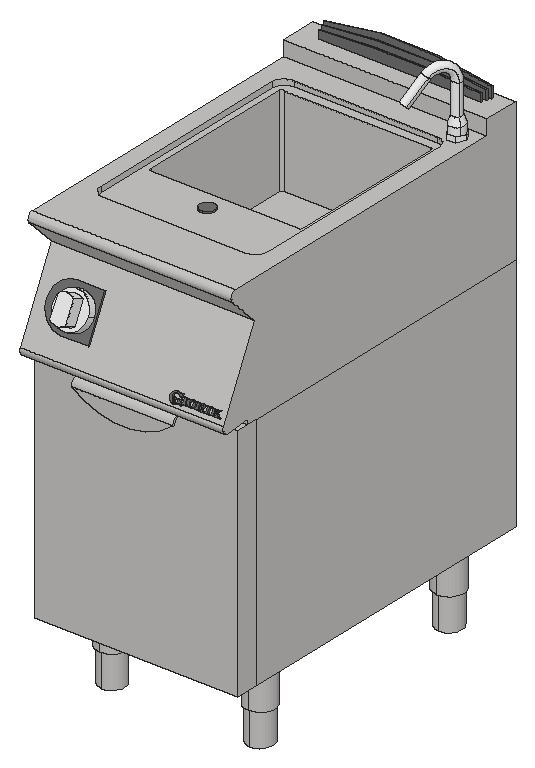
Revit family "QF_GIORIK_CPE726", category Specialty Equipment, Revit 2014
Parameters (values of type "CPE726")
  Weight in Pounds = 110.231
  Watts = 6000 W
  Volts = 400 V
  URL Cutsheet = "www.giorik.com"
  URL = "www.giorik.com"
  Status [instance] = ""
  Specification by User [instance] = ""
  Specification by Manufacturer = ""
  Show Logo [instance] = yes
  Show Clearance [instance] = yes
  Serial Number = ""
  Seismic Rating = ""
  SMACNA No = ""
  Revision Code [instance] = ""
  Phase = 3
  Number of Poles [instance] = 3
  NAFEM Spec ID Number = ""
  Model = "CPE726"
  Min Ckt Ampacity = 0 A
  Max Overcurrent Protection = 0 A
  Masterspec = ""
  Manufacturer = "GIORIK"
  Item Number [instance] = ""
  Installed By [instance] = ""
  Identify Quantity as Lot [instance] = no
  HP = "8.046120000000"
  Furnished By [instance] = ""
  Foodservice Equipment Identifier [instance] = yes
  FL Amps = 0 A
  Electrical Remarks [instance] = ""
  Electric Connection Type [instance] = ""
  Elec Conn RI Height [instance] = 0 mm
  Elec Conn Connection Height [instance] = 150 mm
  Description = "26 LITRE SINGLE TANK ELECTRIC PASTA COOKER."
  Cycle = 50 Hz
  Conn Plug = ""
  CSI MasterFormat = ""
  Assembly Code = "E1090320"
  Apparent Power = 6000 VA
Reference planes
  plane 1 "Back": y = 0
  plane 2: z = 0
  plane 3 "Left": x = 0
  plane 4 "Right": x = 400
  plane 5 "Front": y = -720
  plane 6 "Top": z = 900
Forms (mm)
  Extrusion 1, solid, visible <- "Show Logo"
    sketch origin (196.604, -736.761, 609.486) x (-1, 0, 0) y (0, 0.452718, 0.891654)
      loop
        line (-118.824, 58.358) -> (-127.804, 58.358) -> (-125.523, 56.445) -> (-125.523, 48.027) -> (-127.804, 46.113) -> (-118.824, 46.113) -> (-121.105, 48.027) -> (-121.105, 56.445) -> (-118.824, 58.358)
      loop
        line (-163.721, 58.358) -> (-172.7, 58.358) -> (-170.42, 56.445) -> (-170.42, 48.027) -> (-172.7, 46.113) -> (-163.721, 46.113) -> (-166.001, 48.027) -> (-166.001, 56.445) -> (-163.721, 58.358)
      loop
        line (-174.332, 58.358) -> (-183.312, 58.358) -> (-181.031, 56.445) -> (-181.031, 52.435) -> (-186.419, 56.955) -> (-184.416, 58.358) -> (-191.268, 58.358) -> (-188.01, 56.839) -> (-185.455, 54.283) -> (-190.846, 47.858) -> (-193.396, 46.93) -> (-193.396, 46.113) -> (-184.416, 46.113) -> (-185.437, 47.571) -> (-182.443, 51.552) -> (-181.031, 50.894) -> (-181.031, 48.027) -> (-183.312, 46.113) -> (-174.332, 46.113) -> (-176.613, 48.027) -> (-176.613, 56.445) -> (-174.332, 58.358)
      loop
        line (-115.429, 62.063) -> (-115.429, 54.198)
        arc (-115.429, 54.198) -> (-111.618, 57.803) -> (-106.847, 59.986) r 16.039
        arc (-106.847, 59.986) -> (-103.314, 59.837) -> (-100.512, 57.68) r 5.851
        arc (-100.512, 57.68) -> (-98.815, 52.267) -> (-100.512, 46.853) r 9.479
        arc (-100.512, 46.853) -> (-102.406, 44.986) -> (-104.846, 43.93) r 7.236
        arc (-104.846, 43.93) -> (-107.728, 44.111) -> (-110.052, 45.825) r 5.11
        line (-110.052, 45.825) -> (-110.052, 52.001) -> (-116.141, 52.001) -> (-116.141, 45.503) -> (-117.893, 43.751) -> (-114.094, 44.769)
        arc (-114.094, 44.769) -> (-112.56, 44.947) -> (-111.129, 44.366) r 3.115
        arc (-111.129, 44.366) -> (-104.216, 42.091) -> (-97.303, 44.366) r 11.641
        arc (-97.303, 44.366) -> (-93.396, 52.107) -> (-97.303, 59.849) r 9.622
        arc (-97.303, 59.849) -> (-104.369, 62.174) -> (-111.435, 59.849) r 11.898
        line (-111.435, 59.849) -> (-115.429, 62.063)
      loop
        arc (-129.234, 56.068) -> (-135.893, 58.628) -> (-142.552, 56.068) r 9.941
        arc (-142.552, 56.068) -> (-144.234, 52.286) -> (-142.552, 48.505) r 5.093
        arc (-142.552, 48.505) -> (-135.893, 45.945) -> (-129.234, 48.505) r 9.941
        arc (-129.234, 48.505) -> (-127.552, 52.286) -> (-129.234, 56.068) r 5.093
      loop
        arc (-132.628, 54.403) -> (-135.893, 57.668) -> (-139.158, 54.403) r 3.265
        line (-139.158, 54.403) -> (-139.158, 50.169)
        arc (-139.158, 50.169) -> (-135.893, 46.904) -> (-132.628, 50.169) r 3.265
        line (-132.628, 50.169) -> (-132.628, 54.403)
      loop
        arc (-156.363, 58.365) -> (-159.647, 55.081) -> (-156.363, 51.796) r 3.285
        line (-156.363, 51.796) -> (-159.529, 47.306) -> (-162.087, 46.113) -> (-155.847, 46.113) -> (-153.529, 51.083) -> (-150.637, 51.083) -> (-150.637, 47.784) -> (-153.022, 46.113) -> (-144.011, 46.113) -> (-146.094, 47.68) -> (-146.094, 56.493) -> (-144.229, 58.365) -> (-156.363, 58.365)
      loop
        line (-150.637, 57.512) -> (-153.637, 57.512)
        arc (-153.637, 57.512) -> (-156.237, 54.912) -> (-153.637, 52.312) r 2.6
        line (-153.637, 52.312) -> (-150.637, 52.312) -> (-150.637, 57.512)
      loop
        line (-108.924, 52.001) -> (-104.936, 49.005) -> (-100.948, 52.001) -> (-108.924, 52.001)
    from 1.5 to -0.5
  Extrusion 2, solid
    sketch origin (-16, 1025.81, 0) x (1, 0, 0) y (0, 1, 0)
      loop
        line (25, -1086.81) -> (25, -1156.81) -> (115, -1156.81) -> (115, -1086.81) -> (25, -1086.81)
    from 148 to 150
  Extrusion 3, solid
    sketch origin (35, -15, 130) x (1, 0, 0) y (0, 1, 0)
      loop
        circle (54, -385) r 12.5
    from 0 to 20
  Extrusion 4, solid
    sketch origin (0, 1000, -20) x (0, 1, 0) y (0, 0, 1)
      loop
        line (-1000, 919.988) -> (-1070, 919.988) -> (-1070, 889.988) -> (-1688.806, 889.988)
        arc (-1688.806, 889.988) -> (-1699.151, 883.075) -> (-1696.724, 870.873) r 11.197
        line (-1696.724, 870.873) -> (-1640.876, 815.025) -> (-1718.948, 661.258)
        arc (-1718.948, 661.258) -> (-1718.233, 650.105) -> (-1708.118, 645.354) r 10.981
        line (-1708.118, 645.354) -> (-1660, 649.925) -> (-1660, 640) -> (-1000, 640) -> (-1000, 919.988)
    from 0 to 400
  Extrusion 5, solid
    sketch origin (0, 0, 599.536) x (1, 0, 0) y (0, 1, 0)
      loop
        line (0, -640) -> (40, -640) -> (40, -40) -> (360, -40) -> (360, -640) -> (400, -640) -> (400, 0) -> (0, 0) -> (0, -640)
    from -449.536 to 20.464
  Extrusion 6, solid
    sketch origin (0, 0, 0) x (1, 0, 0) y (0, 1, 0)
      loop
        line (40, -40) -> (40, -640) -> (360, -640) -> (360, -40) -> (40, -40)
    from 150 to 190
  Extrusion 7, solid
    sketch origin (-16, 560.81, 0) x (1, 0, 0) y (0, 1, 0)
      loop
        line (25, -1086.81) -> (25, -1156.81) -> (115, -1156.81) -> (115, -1086.81) -> (25, -1086.81)
    from 148 to 150
  Revolve 8, solid
    sketch origin (54, 560.81, 0) x (0, 1, 0) y (0, 0, 1)
      loop
        line (-1092.56, 66) -> (-1092.56, 148) -> (-1121.81, 148) -> (-1121.81, 0) -> (-1096.81, 0) -> (-1096.81, 66) -> (-1092.56, 66)
      axis (-1121.81, 0) -> (-1121.81, 148)
    angle from 0 to 360
  Revolve 9, solid
    sketch origin (54, 1025.81, 0) x (0, 1, 0) y (0, 0, 1)
      loop
        line (-1092.56, 66) -> (-1092.56, 148) -> (-1121.81, 148) -> (-1121.81, 0) -> (-1096.81, 0) -> (-1096.81, 66) -> (-1092.56, 66)
      axis (-1121.81, 0) -> (-1121.81, 148)
    angle from 0 to 360
  Extrusion 10, solid
    sketch origin (416, 560.81, 0) x (-1, 0, 0) y (0, -1, 0)
      loop
        line (25, 1086.81) -> (115, 1086.81) -> (115, 1156.81) -> (25, 1156.81) -> (25, 1086.81)
    from 148 to 150
  Revolve 11, solid
    sketch origin (346, 560.81, 0) x (0, 1, 0) y (0, 0, -1)
      loop
        line (-1092.56, -66) -> (-1096.81, -66) -> (-1096.81, 0) -> (-1121.81, 0) -> (-1121.81, -148) -> (-1092.56, -148) -> (-1092.56, -66)
      axis (-1121.81, 0) -> (-1121.81, -148)
    angle from 0 to 360
  Extrusion 12, solid
    sketch origin (416, -1217.81, 0) x (-1, 0, 0) y (0, -1, 0)
      loop
        line (25, -1086.81) -> (25, -1156.81) -> (115, -1156.81) -> (115, -1086.81) -> (25, -1086.81)
    from 148 to 150
  Revolve 13, solid
    sketch origin (346, -1217.81, 0) x (0, -1, 0) y (0, 0, 1)
      loop
        line (-1092.56, 66) -> (-1092.56, 148) -> (-1121.81, 148) -> (-1121.81, 0) -> (-1096.81, 0) -> (-1096.81, 66) -> (-1092.56, 66)
      axis (-1121.81, 0) -> (-1121.81, 148)
    angle from 0 to 360
  Extrusion 14, solid
    sketch origin (-343.221, -963.345, 52.363) x (1, 0, 0) y (0, 0.452718, 0.891654)
      loop
        line (463.221, 676.25) -> (463.221, 766.25) -> (409.698, 766.25)
        arc (409.698, 766.25) -> (364.698, 721.25) -> (409.698, 676.25) r 45
        line (409.698, 676.25) -> (463.221, 676.25)
    from 48 to 50
  Extrusion 15, solid
    sketch origin (431.331, -1008.697, 74.959) x (-1, 0, 0) y (0, -0.45351, -0.891251)
      loop
        circle (351.331, -721.346) r 35
    from 0 to 15
  Extrusion 16, solid
    sketch origin (431.331, -1008.697, 74.959) x (-1, 0, 0) y (0, -0.45351, -0.891251)
      loop
        arc (336.331, -743.846) -> (351.331, -748.846) -> (366.331, -743.846) r 25
        line (366.331, -743.846) -> (366.331, -698.846)
        arc (366.331, -698.846) -> (351.331, -693.846) -> (336.331, -698.846) r 25
        line (336.331, -698.846) -> (336.331, -743.846)
    from 15 to 40
  Extrusion 17, solid
    sketch origin (-94, 0, -10.001) x (1, 0, 0) y (0, 0, 1)
      loop
        line (135, 909.989) -> (453, 909.989) -> (453, 925.527) -> (347.056, 931.749) -> (240.944, 931.749) -> (135, 925.527) -> (135, 909.989)
    from 32 to 35
  Extrusion 18, solid
    sketch origin (-92, 10, -10.001) x (1, 0, 0) y (0, 0, 1)
      loop
        line (454, 909.989) -> (454, 928.527) -> (346.162, 939.193) -> (237.838, 939.193) -> (130, 928.527) -> (130, 909.989) -> (454, 909.989)
    from 32 to 35
  Extrusion 19, solid
    sketch origin (-90, 20, -10.001) x (1, 0, 0) y (0, 0, 1)
      loop
        line (455, 909.989) -> (455, 930.527) -> (345.396, 947.413) -> (234.604, 947.413) -> (125, 930.527) -> (125, 909.989) -> (455, 909.989)
    from 32 to 35
  Extrusion 20, void
    sketch origin (0, 0, 819.988) x (0, 1, 0) y (-1, 0, 0)
      loop
        arc (-120, -60) -> (-127.322, -42.322) -> (-145, -35) r 25
        line (-145, -35) -> (-565.002, -35)
        arc (-565.002, -35) -> (-582.68, -42.322) -> (-590.002, -60) r 25
        line (-590.002, -60) -> (-590.002, -340)
        arc (-590.002, -340) -> (-582.68, -357.678) -> (-565.002, -365) r 25
        line (-565.002, -365) -> (-145, -365)
        arc (-145, -365) -> (-127.322, -357.678) -> (-120, -340) r 25
        line (-120, -340) -> (-120, -60)
    from -137.243 to 50
  Extrusion 21, solid
    sketch origin (-224, -316, 100) x (0, 1, 0) y (-1, 0, 0)
      loop
        circle (-54, -313) r 6.5
    from 30 to 50
  Extrusion 22, solid
    sketch origin (136, -286, 100) x (0, 1, 0) y (-1, 0, 0)
      loop
        circle (-129, -162) r 12.5
    from 30 to 50
  Extrusion 23, solid
    sketch origin (0, 0, 809.988) x (0, 1, 0) y (-1, 0, 0)
      loop
        line (-140, -345) -> (-140, -55)
        arc (-140, -55) -> (-141.464, -51.464) -> (-145, -50) r 5
        line (-145, -50) -> (-460.364, -50)
        arc (-460.364, -50) -> (-463.899, -51.464) -> (-465.364, -55) r 5
        line (-465.364, -55) -> (-465.364, -345)
        arc (-465.364, -345) -> (-463.899, -348.536) -> (-460.364, -350) r 5
        line (-460.364, -350) -> (-145, -350)
        arc (-145, -350) -> (-141.464, -348.536) -> (-140, -345) r 5
      loop
        arc (-126.33, -368.87) -> (-119.259, -365.941) -> (-116.33, -358.87) r 10
        line (-116.33, -358.87) -> (-116.33, -40.28)
        arc (-116.33, -40.28) -> (-119.259, -33.209) -> (-126.33, -30.28) r 10
        line (-126.33, -30.28) -> (-586, -30.28)
        arc (-586, -30.28) -> (-593.071, -33.209) -> (-596, -40.28) r 10
        line (-596, -40.28) -> (-596, -358.87)
        arc (-596, -358.87) -> (-593.071, -365.941) -> (-586, -368.87) r 10
        line (-586, -368.87) -> (-126.33, -368.87)
    from -136.122 to 50
  Extrusion 24, solid
    sketch origin (-4.529, -25.827, 861.988) x (0, 1, 0) y (-1, 0, 0)
      loop
        circle (-476.382, -199.529) r 15
    from -2 to 0
  Extrusion 25, solid
    sketch origin (0, -725, 0) x (1, 0, 0) y (0, 0, 1)
      loop
        line (0, 620) -> (0, 150) -> (400, 150) -> (400, 620) -> (0, 620)
    from -85 to -40
  Extrusion 26, solid
    sketch origin (0, -725, -20.1) x (0, 1, 0) y (0, 0, 1)
      loop
        arc (25, 640.1) -> (14.393, 635.707) -> (10, 625.1) r 15
        line (10, 625.1) -> (12, 625.1)
        arc (12, 625.1) -> (15.808, 634.292) -> (25, 638.1) r 13
        line (25, 638.1) -> (40, 638.1) -> (40, 640.1) -> (25, 640.1)
    from 97.5 to 297.5
  Extrusion 27, solid
    sketch origin (0, -724.905, -20.1) x (1, 0, 0) y (0, 0, 1)
      loop
        arc (97.5, 625.1) -> (197.5, 590.089) -> (297.5, 625.1) r 160.316
        line (297.5, 625.1) -> (97.5, 625.1)
    from -11.905 to -9.905
  Extrusion 28, solid, visible <- "Show Clearance", detail levels coarse
    sketch origin (395, -725, 0) x (-1, 0, 0) y (0, -1, 0)
      loop
        line (-5, -40) -> (395, -40)
        arc (395, -40) -> (277.534, 241.069) -> (-5, 354.968) r 395
        line (-5, 354.968) -> (-5, -40)
    from 150 to 620
  Revolve 29, solid
    sketch origin (-204.879, 177.098, -15.012) x (0.898794, -0.438371, 0) y (0, 0, 1)
      loop
        line (635, 895) -> (650, 895) -> (650, 910) -> (645, 925) -> (635, 925) -> (635, 895)
      axis (635, 925) -> (635, 895)
    angle from 0 to 360
  Sweep 30, solid
    path origin (469.75, 111.746, -15.012) x (0.438371, 0.898794, 0) y (0, 0, 1)
      loop
        line (-237, 925) -> (-237, 986.382)
        arc (-237, 986.382) -> (-256.494, 1014.482) -> (-289.641, 1006.064) r 30
        line (-289.641, 1006.064) -> (-326.852, 963.258)
    profile origin (365.856, -101.268, 940.679) x (-0.438371, -0.898794, 0) y (0.898794, -0.438371, 0)
      loop
        circle (0, 0) r 9
  Extrusion 31, solid
    sketch origin (-684.343, 1017.906, 884.988) x (-0.779686, 0.626171, 0) y (-0.626171, -0.779686, 0)
      loop
        line (-1502.427, 209.668) -> (-1506.406, 227.223) -> (-1523.598, 232.555) -> (-1536.811, 220.332) -> (-1532.833, 202.777) -> (-1515.641, 197.445) -> (-1502.427, 209.668)
    from -15 to -5
Cuts and joins
  Extrusion 20 cuts Extrusion 4
Lines and regions (mm)
  symbolic lines, style "200-EquipBorder-2D"
    curve 1: line (0, -720, 0) -> (400, -720, 0)
    curve 2: line (400, -720, 0) -> (400, 0, 0)
    curve 3: line (400, 0, 0) -> (0, 0, 0)
    curve 4: line (0, 0, 0) -> (0, -720, 0)
  symbolic lines, style "200-EquipInternal-2D"
    curve 5: line (0, -70, 900) -> (400, -70, 900)
    curve 6: line (35, -12, 900) -> (365, -12, 900)
    curve 7: line (365, -12, 900) -> (365, -15, 900)
    curve 8: line (365, -15, 900) -> (35, -15, 900)
    curve 9: line (35, -15, 900) -> (35, -12, 900)
    curve 10: line (38, -22, 900) -> (362, -22, 900)
    curve 11: line (362, -22, 900) -> (362, -25, 900)
    curve 12: line (362, -25, 900) -> (38, -25, 900)
    curve 13: line (38, -25, 900) -> (38, -22, 900)
    curve 14: line (41, -32, 900) -> (359, -32, 900)
    curve 15: line (359, -32, 900) -> (359, -35, 900)
    curve 16: line (359, -35, 900) -> (41, -35, 900)
    curve 17: line (41, -35, 900) -> (41, -32, 900)
    curve 18: line (340, -120, 900) -> (60, -120, 900)
    curve 19: arc (60, -120, 900) -> (42.322, -127.322, 900) -> (35, -145, 900) r 25
    curve 20: line (35, -145, 900) -> (35, -565, 900)
    curve 21: arc (365, -145, 900) -> (364.001, -138.004, 900) -> (361.084, -131.567, 900) r 25
    curve 22: line (365, -565, 900) -> (365, -145, 900)
    curve 23: arc (340, -590, 900) -> (357.678, -582.678, 900) -> (365, -565, 900) r 25
    curve 24: line (60, -590, 900) -> (340, -590, 900)
    curve 25: arc (35, -565, 900) -> (42.322, -582.678, 900) -> (60, -590, 900) r 25
    curve 26: line (50, -410.364, 900) -> (50, -145, 900)
    curve 27: line (55, -140, 900) -> (336.951, -140, 900)
    curve 28: line (350, -154.28, 900) -> (350, -410.364, 900)
    curve 29: line (345, -415.364, 900) -> (55, -415.364, 900)
    curve 30: arc (55, -140, 900) -> (51.464, -141.464, 900) -> (50, -145, 900) r 5
    curve 31: arc (350, -410.364, 900) -> (348.536, -413.899, 900) -> (345, -415.364, 900) r 5
    curve 32: arc (55, -415.364, 900) -> (51.464, -413.899, 900) -> (50, -410.364, 900) r 5
    curve 33: circle (195, -502.209, 900) r 15 normal (0, 0, 1)
    curve 36: line (355.79, -86.345, 900) -> (373.746, -85.09, 900)
    curve 37: line (373.746, -85.09, 900) -> (383.812, -100.012, 900)
    curve 38: line (383.812, -100.012, 900) -> (375.921, -116.19, 900)
    curve 39: line (375.921, -116.19, 900) -> (368.329, -116.721, 900)
    curve 40: line (373.943, -105.217, 900) -> (334.539, -185.963, 900)
    curve 41: arc (334.539, -185.963, 900) -> (323.454, -188.182, 900) -> (318.378, -178.081, 900) r 9.323
    curve 42: line (318.378, -178.081, 900) -> (357.766, -97.324, 900)
    curve 43: line (352.154, -108.83, 900) -> (347.9, -102.523, 900)
    curve 44: line (347.9, -102.523, 900) -> (355.79, -86.345, 900)
    curve 45: arc (352.506, -108.108, 900) -> (372.378, -87.715, 900) -> (368.705, -115.951, 900) r 15.006
    curve 46: arc (357.766, -97.324, 900) -> (369.801, -93.181, 900) -> (373.943, -105.217, 900) r 9
    curve 47: arc (346.311, -120.81, 900) -> (343.181, -120.203, 900) -> (340, -120, 900) r 24.998
  symbolic lines, style "QF_Door-Drawer Clearances", visible <- "Show Clearance", detail levels coarse
    curve 34: arc (400, -1079.968, 0) -> (130.204, -978.101, 0) -> (1.554, -720, 0) r 395
    curve 35: line (400, -720, 0) -> (400, -1079.968, 0)
Dimensions and locks
  plane 3 "Left" to plane 4 "Right" = 400 mm
  plane 5 "Front" to plane 1 "Back" = 720 mm
  plane 4 "Right" to plane 3 "Left" = 400 mm
  plane 1 "Back" to plane 5 "Front" = 720 mm
  plane 6 "Top" to level = 900 mm  (x2)
  aligned and locked: level to plane 2
Connectors
  piping at (89, -370, 130), diameter 12.7
    settings: on Extrusion 21, index 2, connector inside diameter 24", connector length 0 mm, flow factor 0, pipe flow 0.0 L/s, pressure drop 0.0 Pa, fitting loss kfactor 0, connector angle 0.00°, fixture units 0, engagement length 0 mm, angle of deflection 0.00°, flow configuration 1, flow direction 1, fitting loss method 0, system type 20, joint type 0, gender type 0, connector reference index -1, connector utility 0, adjustable connector no, is connector primary yes, connector description "Water inlet"
  piping at (298, -415, 130), diameter 25.4
    settings: on Extrusion 22, index 3, connector inside diameter 24", connector length 0 mm, flow factor 0, pipe flow 0.0 L/s, pressure drop 0.0 Pa, fitting loss kfactor 0, connector angle 0.00°, fixture units 0, engagement length 0 mm, angle of deflection 0.00°, flow configuration 1, flow direction 2, fitting loss method 0, system type 16, joint type 0, gender type 0, connector reference index -1, connector utility 0, adjustable connector no, is connector primary no, connector description "Drain connection"
  electrical at (89, -400, 130), driven by "Apparent Power", driven by "Volts", driven by "Number of Poles"
    settings: on Extrusion 3, index 4, voltage 400 V, apparent load 0 VA, apparent load phase1 6000 VA, apparent load phase2 0 VA, apparent load phase3 0 VA, power factor 1, load classification "Other", number of poles 3, system type 31, power factor state 1, is connector primary yes, connector utility no, sub classification motor no, connector description "Electrical connection"
